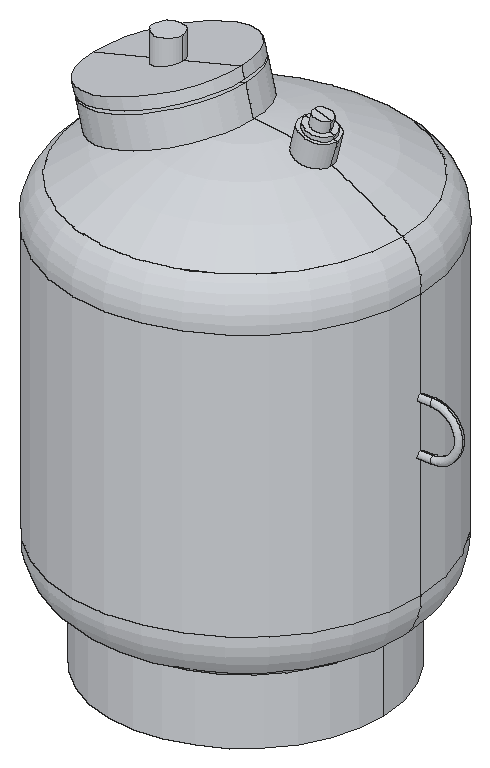
Revit family
Parameters (values of type "200L 125# W.P.")
  Weight = "190"
  Tank Volume = "53 Gallons"
  Tank Only = 31.813"
  Tank Height = 33.563"
  Tank Diameter = "24"
  Pipe Connector Diameter = Pipe Connection Radius * 2  # 1.000"
  Pipe Connection Radius = 0.500"
  Model = "200L"
  Max Operating Temp = "240 Deg F"
  Max Operating Pressure = "125 PSI"
  Manufacturer = "Amtrol"
  Lifting Ring Location = (Tank Only / 2) + 2.750"  # 18.6565"
  Floor to Bottom of Tank = 2.750"
  Bladder/Diaphragm = "Bladder"
  ASME = yes
Types (19): name | Weight | Tank Volume | Tank Only | Tank Height | Model | Max Operating Pressure | Lifting Ring Location
  (no name) | "190" | "53 Gallons" | 31.813" | 33.563" | "200L" | "125 PSI" | 18.6565"
  200L 125# W.P. | "190" | "53 Gallons" | 31.813" | 33.563" | "200L" | "125 PSI" | 18.6565"
  200L 150# W.P. 10 BAR | "205" | "53 Gallons" | 31.813" | 33.563" | "200L" | "150 PSI" | 18.6565"
  200L 175# W.P. | "220" | "53 Gallons" | 31.813" | 33.625" | "200L" | "175 PSI" | 18.6565"
  200L 250# W.P. | "282" | "53 Gallons" | 32.625" | 34.438" | "200L" | "250 PSI" | 19.0625"
  300L 125# W.P. | "230" | "80 Gallons" | 45.750" | 47.500" | "300L" | "125 PSI" | 25.625"
  300L 150# W.P. 10 BAR | "292" | "80 Gallons" | 46.125" | 47.875" | "300L" | "150 PSI" | 25.8125"
  300L 175# W.P. | "286" | "80 Gallons" | 46.125" | 47.875" | "300L" | "175 PSI" | 25.8125"
  300L 250# W.P. | "354" | "80 Gallons" | 44.813" | 46.625" | "300L" | "250 PSI" | 25.1565"
  300L 300# W.P. | "372" | "80 Gallons" | 46.625" | 44.813" | "300L" | "300 PSI" | 26.0625"
  400L 125# W.P. | "275" | "106 Gallons" | 59.688" | 61.438" | "400L" | "125 PSI" | 32.594"
  400L 150# W.P. 10 BAR | "343" | "106 Gallons" | 60.063" | 61.813" | "400L" | "150 PSI" | 32.7815"
  400L 175# W.P. | "375" | "106 Gallons" | 60.063" | 61.813" | "400L" | "175 PSI" | 32.7815"
  400L 250# W.P. | "567" | "106 Gallons" | 60.500" | 62.313" | "400L" | "250 PSI" | 33.000"
  500L 125# W.P. | "311" | "132 Gallons" | 73.250" | 75.000" | "500L" | "125 PSI" | 39.375"
  500L 150# W.P. 10 BAR | "372" | "132 Gallons" | 74.000" | 75.750" | "500L" | "150 PSI" | 39.750"
  500L 175# W.P. | "407" | "132 Gallons" | 74.000" | 75.750" | "500L" | "175 PSI" | 39.750"
  500L 250# W.P. | "715" | "132 Gallons" | 74.438" | 76.250" | "500L" | "250 PSI" | 39.969"
  500L 300# W.P. | "810" | "132 Gallons" | 74.438" | 76.250" | "500L" | "300 PSI" | 39.969"
Reference planes (in)
  plane 1 "Center (Front/Back)": y = 0
  plane 2: z = 0
  plane 3 "Center (Left/Right)": x = 0
  plane 4: through (0.05806, 0, 48) normal (0.4226, 0.9063, 0)
Forms (in)
  Revolve 1, solid
    sketch origin (0, 0, 0) x (1, 0, 0) y (0, 0, 1)
      loop
        arc (0, 1.75) -> (5.61971, 2.65352) -> (10.673, 5.27302) r 17.92848
        arc (10.673, 5.27302) -> (11.72951, 6.56737) -> (12, 8.21612) r 3.23764
        line (12, 8.21612) -> (12, 26.72575)
        arc (12, 26.72575) -> (11.83999, 28.43965) -> (10.79908, 29.81061) r 3.1345
        arc (10.79908, 29.81061) -> (5.70138, 32.55548) -> (0, 33.563) r 18.22526
        line (0, 33.563) -> (0, 1.75)
      axis (0, 1.75) -> (0, 33.563)
    angle from 0 to 360
  Revolve 2, solid
    sketch origin (0, 0, 0) x (1, 0, 0) y (0, 0, 1)
      loop
        line (4.64715, 32.74792) -> (5.8746, 32.41902) -> (6.32015, 34.08183) -> (6.07867, 34.14654) -> (6.1514, 34.41796) -> (5.77662, 34.51839) -> (5.97073, 35.24283) -> (5.35955, 35.4066) -> (4.64715, 32.74792)
      axis (4.64715, 32.74792) -> (5.35955, 35.4066)
    angle from 0 to 360
  Revolve 3, solid
    sketch origin (0, 0, 0) x (1, 0, 0) y (0, 0, 1)
      loop
        line (-10.28614, 5.27302) -> (-11.41092, 3.66667) -> (-11.11973, 3.46277) -> (-10.83294, 3.87235) -> (-10.67686, 3.76306) -> (-10.53404, 3.96703) -> (-10.39534, 3.86991) -> (-9.70017, 4.86272) -> (-10.28614, 5.27302)
      axis (-11.41092, 3.66667) -> (-10.28614, 5.27302)
    angle from 0 to 360
  Revolve 4, solid
    sketch origin (0, 0, 0) x (1, 0, 0) y (0, 0, 1)
      loop
        line (-5.27301, 35.08822) -> (-4.46514, 32.07319) -> (0.60597, 33.43199) -> (0.05806, 35.47684) -> (-0.98484, 35.19739) -> (-1.04289, 35.41407) -> (0, 35.69351) -> (-0.2019, 36.44702) -> (-5.27301, 35.08822)
      axis (-4.46514, 32.07319) -> (-5.27301, 35.08822)
    angle from 0 to 360
  Sweep 5, solid
    path origin (0, 0, 0) x (1, 0, 0) y (0, 0, 1)
      loop
        line (-5.27301, 33.80124) -> (-5.27301, 36.891)
    profile origin (-5.27301, 0, 35.34612) x (-1, 0, 0) y (0, -1, 0)
      loop
        circle (0, 0) r 1
  Revolve 6, solid
    sketch origin (0, 0, 0) x (1, 0, 0) y (0, 0, 1)
      loop
        line (-9.5, 0) -> (-9.25, 0) -> (-9.25, 5) -> (-9.5, 5) -> (-9.5, 0)
      axis (0, 0) -> (0, 5)
    angle from 0 to 360
  Sweep 7, solid
    path origin (0, 0, 0) x (1, 0, 0) y (0, 0, 1)
      loop
        line (11.90261, 20.4065) -> (12.90261, 20.4065)
        arc (12.90261, 20.4065) -> (14.65261, 18.6565) -> (12.90261, 16.9065) r 1.75
        line (12.90261, 16.9065) -> (11.90261, 16.9065)
    profile origin (12.40261, 0, 20.4065) x (0, 0, 1) y (0, -1, 0)
      loop
        circle (0, 0) r 0.25
Dimensions and locks (in)
  "Tank Only": Revolve 1 sketch curve to Revolve 1 sketch curve
  "Tank Height": Revolve 1 sketch curve to level
  Revolve 1 sketch curve to Revolve 1 sketch curve = 15.09096"
  locked: Revolve 1 sketch curve to Revolve 1 sketch curve at 12
  Revolve 2 sketch curve to Revolve 1 = 2.93731"
  Revolve 2 sketch curve to Revolve 1 = 2.60841"
  Revolve 2 sketch curve to Revolve 2 sketch curve = 1.72147"
  Revolve 2 sketch curve to Revolve 2 sketch curve = 2.00247"
  Revolve 2 sketch curve to Revolve 2 sketch curve = 2.75247"
  Revolve 3 sketch curve to Revolve 3 sketch curve = 1.21199"
  Revolve 3 sketch curve to Revolve 3 sketch curve = 1.47077"
  Revolve 3 sketch curve to Revolve 3 sketch curve = 1.99374"
  Revolve 1 to Revolve 3 sketch curve = 0.4103"
  Revolve 4 sketch curve to Revolve 1 = 3.62138"
  Revolve 4 sketch curve to Revolve 1 = 2.26258"
  Revolve 4 sketch curve to Revolve 4 sketch curve = 2.11698"
  Revolve 4 sketch curve to Revolve 4 sketch curve = 3.12139"
  "Lifting Ring Location": Sweep 7 sketch curve to Revolve 6
  Sweep 5 sketch curve to Revolve 1 = 3.99063"
  radius of Revolve 1 sketch curve = 18.22526"
  radius of Revolve 1 sketch curve = 3.1345"
  aligned and locked: Revolve 2 sketch curve to Revolve 2 sketch curve
  aligned and locked: Revolve 3 sketch curve to Revolve 3 sketch curve
  aligned and locked: Revolve 4 sketch curve to Revolve 4 sketch curve
  aligned and locked: Revolve 6 sketch curve to level
  aligned and locked: level to Revolve 6 sketch curve
  aligned and locked: plane 3 "Center (Left/Right)" to Revolve 6 sketch curve
  aligned and locked: plane 4 to Revolve 4
Automatic sketch dimensions
  Revolve 1 sketch curve to plane 3 "Center (Left/Right)" = 0.000"  (x2)
  Revolve 1 sketch curve to level = 0.000"
  Revolve 1 sketch curve to plane 3 "Center (Left/Right)" = 0.28057"
  Revolve 1 sketch curve to Revolve 1 sketch curve = 3.22198"
  Revolve 1 sketch curve to Revolve 1 sketch curve = 3.08097"
  Revolve 1 sketch curve to Revolve 1 sketch curve = 1.327"
  level to Revolve 1 sketch curve = 5.27302"
  Revolve 1 sketch curve to Revolve 1 sketch curve = 2.62513"
  Revolve 1 sketch curve to Revolve 1 sketch curve = 4.04397"
  Revolve 2 sketch curve to Revolve 2 sketch curve = 0.38839"
  Revolve 2 sketch curve to Revolve 2 sketch curve = 0.71239"
  Revolve 2 sketch curve to Revolve 2 sketch curve = 0.54353"
  Revolve 2 sketch curve to Revolve 2 sketch curve = 0.62319"
  Revolve 2 sketch curve to Revolve 2 sketch curve = 0.24148"
  level to Revolve 3 sketch curve = 3.08972"
  Revolve 3 sketch curve to Revolve 3 sketch curve = 0.40398"
  Revolve 3 sketch curve to Revolve 3 sketch curve = 0.29119"
  level to Revolve 3 sketch curve = 3.76306"
  Revolve 3 sketch curve to Revolve 3 sketch curve = 1.16843"
  Revolve 3 sketch curve to Revolve 3 sketch curve = 1.66869"
  Revolve 4 sketch curve to plane 3 "Center (Left/Right)" = 0.000"
  Revolve 4 sketch curve to plane 3 "Center (Left/Right)" = 0.2019"
  Revolve 4 sketch curve to plane 3 "Center (Left/Right)" = 0.98484"
  Revolve 4 sketch curve to Revolve 4 sketch curve = 0.05806"
  Revolve 4 sketch curve to Revolve 4 sketch curve = 0.40688"
  Revolve 4 sketch curve to Revolve 4 sketch curve = 0.70858"
  Sweep 5 sketch curve to plane 3 "Center (Left/Right)" = 5.27301"
  Sweep 5 sketch curve to Sweep 5 sketch curve = 3.08976"
  plane 1 "Center (Front/Back)" to Sweep 5 sketch curve = 0.000"
  Sweep 5 sketch curve to profile plane = 0.000"
  Revolve 6 sketch curve to Revolve 6 sketch curve = 0.250"
  level to Revolve 6 sketch curve = 5.000"
  Revolve 6 sketch curve to Revolve 6 sketch curve = 7.98627"
  Revolve 6 sketch curve to plane 3 "Center (Left/Right)" = 0.000"
  plane 3 "Center (Left/Right)" to Sweep 7 sketch curve = 11.90261"
  Sweep 7 sketch curve to Sweep 7 sketch curve = 0.000"
  Sweep 7 sketch curve to Sweep 7 sketch curve = 1.000"
  Sweep 7 sketch curve to Sweep 7 sketch curve = 1.750"
  Sweep 7 sketch curve to plane 1 "Center (Front/Back)" = 0.000"
  profile plane to Sweep 7 sketch curve = 0.000"
  plane 3 "Center (Left/Right)" to Revolve 2 sketch curve = 4.25876"
  Revolve 3 sketch curve to plane 3 "Center (Left/Right)" = 11.8149"
  Revolve 4 sketch curve to plane 3 "Center (Left/Right)" = 4.05825"
  Revolve 6 sketch curve to plane 3 "Center (Left/Right)" = 9.250"
  radius of Sweep 5 sketch curve = 1.000"
  radius of Sweep 7 sketch curve = 0.250"
Connectors (in)
  piping at (-5.27301, 0, 36.891), driven by "Pipe Connection Radius"
    settings: on Sweep 5, index 1
